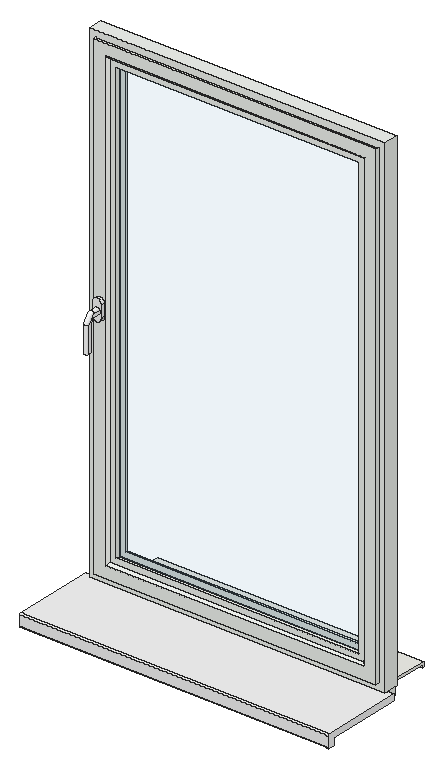
Revit family "Окно RI 44 одностворчатое поворотное", category Окна, Revit 2016
Family settings
  Основа = Стена
  Номер OmniClass = 23.30.20.00
  Заголовок OmniClass = Windows
  Всегда вертикально = Да
  При загрузке вырезать с полостями = Нет
  Общий = Нет
  Точка расчета площади = Нет
Parameters (values of type "Окно RI 44 одностворчатое поворотное")
  Ширина створки [instance] = ADSK_Ширина рамы - (Рама.Высота профиля * 2) + 34 mm  # 848 mm
  Створка.Ширина профиля = 44 mm
  Створка_Тип [instance] = Створка RE4484 : Поворотная право
  Рама.Ширина профиля = 44 mm
  Четверть.Ширина [instance] = 65 mm
  Четверть.Правая [instance] = if(and(Четверть правая.Видимость, Четверть), Четверть.Ширина, 0 mm)  # 65 mm
  Четверть.Левая [instance] = if(and(Четверть левая.Видимость, Четверть), Четверть.Ширина, 0 mm)  # 65 mm
  Четверть.Глубина [instance] = 120 mm
  Четверть.Высота [instance] = 65 mm
  Четверть правая.Видимость [instance] = yes
  Четверть левая.Видимость [instance] = yes
  Четверть.Верхняя [instance] = if(Четверть, Четверть.Высота, 0 mm)  # 65 mm
  Четверть [instance] = yes
  Цвет профиля = "RAL 9016"
  Формула стеклопакета = ""
  Толщина стеклопакета = "26"
  Стеклопакет.Толщина = 26 mm
  Створка.Ширина [instance] = Ширина створки  # 848 mm
  Система фурнитуры [instance] = ""
  Расчетное значение ветровой нагрузки [instance] = 0
  Рама.Окно.Ширина [instance] = 900 mm
  Рама.Окно.Высота [instance] = 1500 mm
  Разработано = "support@bimlib.ru"  # constant formula
  Профильная система рамы = ""
  Проем.Окно.Ширина [instance] = 940 mm
  Проем.Окно.Высота [instance] = 1555 mm
  Подоконник_тип [instance] = Подоконник : ПВХ 250
  Watermarked By = ""
  Rough Width = 0 mm  # constant formula
  Rough Height = 0 mm  # constant formula
  Подоконник.Глубина [instance] = 0 mm
  Подоконник. Видимость [instance] = yes
  Площаль элемента [instance] = ADSK_Ширина рамы * ADSK_Высота рамы / 1000000 mm  # 1.35 mm
  Отлив.Свес [instance] = 35 mm
  Отлив.Видимость [instance] = yes
  Откосы.Глубина [instance] = 331 mm
  Огнестойкость = ""
  Наименование = "Окно RI 44 одностворчатое поворотное"
  Монтажный зазор.Спереди [instance] = 5 mm
  Монтажный зазор.Правый [instance] = if(Четверть правая.Видимость, Монтажный зазор.Боковой, 0 mm)  # 20 mm
  Монтажный зазор.Низ [instance] = 10 mm
  Монтажный зазор.Левый [instance] = if(Четверть левая.Видимость, Монтажный зазор.Боковой, 0 mm)  # 20 mm
  Монтажный зазор.Верх [instance] = 20 mm
  Монтажный зазор.Боковой = 20 mm
  Материал-Стеклопакет = REALIT_Стекло
  Материал-Рама = REALIT_Профиль_RAL 9016
  Материал-Подоконник = REALIT_ПВХ_Белый
  Материал-Отлив = REALIT_Отлив_Белый
  Изготовитель = "REALIT"  # constant formula
  ГОСТ = ""
  Створка.Высота профиля = 60 mm
  Рама.Высота профиля = 43 mm
  Высота створки [instance] = ADSK_Высота рамы - (Рама.Высота профиля * 2) + 34 mm  # 1448 mm
  Высота проема [instance] = ADSK_Высота рамы + 25 mm + Монтажный зазор.Верх + Монтажный зазор.Низ  # 1555 mm
  Height = 0 mm  # constant formula
  Высота подоконника по умолчанию = 800 mm
  Замыкание стены = По основе
  Width = 0 mm  # constant formula
  Артикул створки/армирование створки = ""
  Артикул рамы/армирование рамы = ""
  Артикул импоста/армирование импоста = ""
  Аналитическая конструкция = "<Нет>"
  λ краевой зоны стеклопакета = 0.0000 (m²·K)/W
  URL = "http://www.realit.ru/"
  Rстеклопакета = 1.0000 (m²·K)/W
  Rпрофиля = 1.0000 (m²·K)/W
  Rпривед [instance] = 1 / (((Рама.Ширина профиля / 1000 mm) * (5.4 - 4 * (Рама.Ширина профиля / 1000 mm)) / (1.8 * Rпрофиля / Rед)) + ((1.2 - 2 * (Рама.Ширина профиля / 1000 mm)) * (1.5 - 2 * (Рама.Ширина профиля / 1000 mm)) / (1.8 * Rстеклопакета / Rед)) + (5.4 - 8 * (Рама.Ширина профиля / 1000 mm)) * (λ краевой зоны стеклопакета / Rед))  # 1
  Rед = 1.0000 (m²·K)/W
  Iфактич [instance] = ""
  Iтреб [instance] = 0 mm
  ADSK_Этаж = ""
  ADSK_Ширина рамы [instance] = 900 mm
  ADSK_Примечание [instance] = ""
  ADSK_Позиция [instance] = ""
  ADSK_Обозначение = ""
  ADSK_Наименование краткое = "Окно RI 44 одностворчатое"  # constant formula
  ADSK_Масса_Текст = ""
  ADSK_Марка = ""
  ADSK_Код изделия = ""
  ADSK_Зона = ""
  ADSK_Завод-изготовитель [instance] = Изготовитель  # "REALIT"
  ADSK_Единица измерения = "шт."  # constant formula
  ADSK_Высота рамы [instance] = 1500 mm
  ADSK_Версия Revit = "Revit 2016"  # constant formula
Reference planes
  plane 1 "По центру (Вперед/Назад)": y = 0
  plane 2 "По центру (Влево/Вправо)": x = 0
  plane 3 "Подоконник": z = 800
  plane 4 "Наружный": y = 250
  plane 5 "Внутренние": y = -250
  plane 6: x = -470
  plane 7: x = 470
  plane 8: x = -405
  plane 9: x = 405
  plane 10: y = 130
  plane 11: z = 2300
  plane 12: x = -450
  plane 13: x = 450
  plane 14: z = 775
  plane 15: z = 2320
  plane 16: z = 765
  plane 17: z = 2255
  plane 18: y = 125
  plane 19: y = 81
  plane 20: x = -407
  plane 21: x = 407
  plane 22: z = 2257
  plane 23: z = 843
  plane 24: y = 120
  plane 25: y = 91
  plane 26: y = 450
Forms (mm)
  Extrusion 1, void
    sketch origin (0, -250, 0) x (1, 0, 0) y (0, 0, 1)
      loop
        line (-470, 2320) -> (-470, 765) -> (470, 765) -> (470, 2320) -> (-470, 2320)
    from 0 to -380
  Extrusion 2, void
    sketch origin (-2200.521, 130, 1000) x (1, 0, 0) y (0, 0, 1)
      loop
        line (1795.521, 1255) -> (1795.521, -235) -> (2605.521, -235) -> (2605.521, 1255) -> (1795.521, 1255)
    from 0 to -320
  Extrusion 3, solid, material "REALIT_Профиль_RAL 9016" <- "Материал-Рама", detail levels fine
    sketch origin (0, 0, 800) x (0, -1, 0) y (-1, 0, 0)
      loop
        line (-125, 450) -> (-125, 407) -> (-120, 407) -> (-120, 415) -> (-123, 415) -> (-123, 424) -> (-81, 424) -> (-81, 450) -> (-125, 450)
      loop
        line (-125, -407) -> (-125, -450) -> (-81, -450) -> (-81, -424) -> (-123, -424) -> (-123, -415) -> (-120, -415) -> (-120, -407) -> (-125, -407)
    from 0 to -1500
  Extrusion 4, solid, material "REALIT_Профиль_RAL 9016" <- "Материал-Рама", detail levels fine
    sketch origin (-750, 0, 0) x (0, -1, 0) y (0, 0, 1)
      loop
        line (-81, 800) -> (-81, 826) -> (-123, 826) -> (-123, 835) -> (-120, 835) -> (-120, 843) -> (-125, 843) -> (-125, 800) -> (-81, 800)
      loop
        line (-81, 2274) -> (-81, 2300) -> (-125, 2300) -> (-125, 2257) -> (-120, 2257) -> (-120, 2265) -> (-123, 2265) -> (-123, 2274) -> (-81, 2274)
    from -300 to -1200
  Extrusion 5, solid, material "REALIT_Профиль_RAL 9016" <- "Материал-Рама"
    sketch origin (-233.865, 120, 2257) x (0, 0, 1) y (-1, 0, 0)
      loop
        line (-1457, 216.135) -> (-1482, 216.135) -> (-1482, -683.865) -> (-1457, -683.865) -> (-1457, 216.135)
    from 0 to 29
  Extrusion 6, solid, material "REALIT_Отлив_Белый" <- "Материал-Отлив", visible <- "Отлив.Видимость", detail levels fine
    sketch origin (405, 531.754, 1000) x (0, 1, 0) y (0, 0, 1)
      loop
        line (-411.754, -225) -> (-251.754, -225) -> (-251.754, -235) -> (-246.754, -235) -> (-246.754, -220) -> (-411.754, -215) -> (-411.754, -225)
    from 0 to -810
  Extrusion 7, solid, material "REALIT_Профиль_RAL 9016" <- "Материал-Рама", detail levels medium
    sketch origin (0, 0, 800) x (0, -1, 0) y (-1, 0, 0)
      loop
        line (-125, 450) -> (-125, 424) -> (-81, 424) -> (-81, 450) -> (-125, 450)
      loop
        line (-125, -450) -> (-81, -450) -> (-81, -424) -> (-125, -424) -> (-125, -450)
    from 0 to -1500
  Extrusion 8, solid, material "REALIT_Профиль_RAL 9016" <- "Материал-Рама", detail levels coarse
    sketch origin (0, 0, 0) x (1, 0, 0) y (0, 1, 0)
      loop
        line (-450, 125) -> (-450, 73) -> (-370, 73) -> (-370, 125) -> (-450, 125)
      loop
        line (450, 125) -> (370, 125) -> (370, 73) -> (450, 73) -> (450, 125)
    from 800 to 2300
  Extrusion 9, solid, material "REALIT_Профиль_RAL 9016" <- "Материал-Рама", detail levels coarse
    sketch origin (-250, -245, 3390.632) x (0, 0, 1) y (0, -1, 0)
      loop
        line (-1090.632, -370) -> (-1090.632, -318) -> (-1170.632, -318) -> (-1170.632, -370) -> (-1090.632, -370)
      loop
        line (-2590.632, -318) -> (-2590.632, -370) -> (-2510.632, -370) -> (-2510.632, -318) -> (-2590.632, -318)
    from -200 to 700
  Extrusion 10, solid, material "REALIT_Профиль_RAL 9016" <- "Материал-Рама", detail levels medium
    sketch origin (-250, -245, 3390.632) x (0, 0, 1) y (0, -1, 0)
      loop
        line (-2564.632, -370) -> (-2564.632, -326) -> (-2590.632, -326) -> (-2590.632, -370) -> (-2564.632, -370)
      loop
        line (-1090.632, -326) -> (-1116.632, -326) -> (-1116.632, -370) -> (-1090.632, -370) -> (-1090.632, -326)
    from -200 to 700
Cuts and joins
  joined: Extrusion 3, Extrusion 4
  joined: Extrusion 8, Extrusion 9
  joined: Extrusion 7, Extrusion 10
Lines and regions (mm)
  symbolic lines, style "Windows"
    curve 1: line (-450, 130, 0) -> (450, 130, 0)
Text (mm)
  text "Наружный" at (0, 923.751, 2943.296), in view "Справа"
  text "Наружный" at (0, 1040.484, 2685.409), in view "Слева"
Dimensions and locks
  "Высота подоконника по умолчанию": plane 3 "Подоконник" to level
  locked: plane 4 "Наружный" to host wall at 0
  locked: plane 5 "Внутренние" to host wall
  "Четверть.Глубина": plane 10 to plane 4 "Наружный"
  "ADSK_Высота рамы": plane 11 to plane 3 "Подоконник"
  "Монтажный зазор.Верх": plane 15 to plane 11
  locked: plane 3 "Подоконник" to plane 14 at 25
  "Монтажный зазор.Низ": plane 14 to plane 16
  "Четверть.Верхняя": plane 15 to plane 17
  equal spacing: plane 13, plane 2 "По центру (Влево/Вправо)", plane 12
  "ADSK_Ширина рамы": plane 13 to plane 12
  "Четверть.Левая": plane 8 to plane 6
  "Четверть.Правая": plane 7 to plane 9
  "Монтажный зазор.Левый": plane 12 to plane 6
  "Монтажный зазор.Правый": plane 13 to plane 7
  "Монтажный зазор.Спереди": plane 10 to plane 18
  "Рама.Ширина профиля": plane 18 to plane 19
  "Рама.Высота профиля": plane 12 to plane 20
  "Рама.Высота профиля": plane 21 to plane 13
  "Рама.Высота профиля": plane 11 to plane 22
  "Рама.Высота профиля": plane 3 "Подоконник" to plane 23
  locked: plane 18 to plane 24 at 5
  locked: plane 25 to plane 19 at 10
  locked: Extrusion 6 sketch curve to Extrusion 6 sketch curve at 5  (x2)
  locked: Extrusion 6 sketch curve to Extrusion 6 sketch curve at 10
  "Отлив.Свес": Extrusion 6 to plane 4 "Наружный"
  locked: plane 4 "Наружный" to plane 26 at 200
  "Откосы.Глубина": plane 19 to plane 5 "Внутренние"
  Extrusion 3 sketch curve to plane 20 = 8 mm
  "Проем.Окно.Ширина": plane 7 to plane 6
  "Проем.Окно.Высота": plane 15 to plane 16
  "Рама.Окно.Ширина": plane 13 to plane 12
  "Рама.Окно.Высота": plane 11 to plane 3 "Подоконник"
  locked: cut or joined group of Extrusion 3, Extrusion 4 to cut or joined group of Extrusion 3, Extrusion 4 at 8
  equal spacing: plane 12, plane 2 "По центру (Влево/Вправо)", plane 13
  equal spacing: cut or joined group of Extrusion 3, Extrusion 4, cut or joined group of Extrusion 3, Extrusion 4, Extrusion 4 sketch curve, cut or joined group of Extrusion 8, Extrusion 9  (x2)
  aligned and locked: Extrusion 1 sketch curve to plane 15
  aligned and locked: Extrusion 1 sketch curve to plane 6
  aligned and locked: Extrusion 1 sketch curve to plane 7
  aligned and locked: Extrusion 1 sketch curve to plane 16
  aligned and locked: plane 10 to Extrusion 1
  aligned and locked: Extrusion 2 sketch curve to plane 17
  aligned and locked: Extrusion 2 sketch curve to plane 8
  aligned and locked: Extrusion 2 sketch curve to plane 9
  aligned and locked: Extrusion 2 sketch curve to plane 16
  aligned and locked: Extrusion 3 sketch curve to plane 18
  aligned and locked: Extrusion 3 sketch curve to plane 19
  aligned and locked: Extrusion 3 sketch curve to plane 12
  aligned and locked: plane 18 to Extrusion 3 sketch curve
  aligned and locked: plane 19 to Extrusion 3 sketch curve
  aligned and locked: Extrusion 3 sketch curve to plane 13
  aligned and locked: plane 11 to Extrusion 3
  aligned and locked: Extrusion 4 sketch curve to plane 19  (x2)
  aligned and locked: Extrusion 4 sketch curve to plane 18  (x2)
  aligned and locked: Extrusion 4 sketch curve to plane 11
  aligned and locked: Extrusion 4 to plane 13
  aligned and locked: Extrusion 4 to plane 12
  aligned and locked: Extrusion 5 sketch curve to plane 12
  aligned and locked: Extrusion 5 sketch curve to plane 3 "Подоконник"
  aligned and locked: Extrusion 5 sketch curve to plane 14
  aligned and locked: plane 13 to Extrusion 5 sketch curve
  aligned and locked: plane 25 to Extrusion 5
  aligned and locked: nested 1 to plane 3 "Подоконник"
  aligned and locked: plane 25 to nested 1
  aligned and locked: plane 14 to Extrusion 6 sketch curve
  aligned and locked: Extrusion 6 to plane 8
  aligned and locked: plane 24 to Extrusion 6 sketch curve
  aligned and locked: plane 26 to Extrusion 2
  aligned and locked: curve 1 to plane 10
  aligned and locked: Extrusion 4 sketch curve to plane 24
  aligned and locked: plane 24 to Extrusion 4 sketch curve
  aligned and locked: Extrusion 3 sketch curve to plane 24
  aligned and locked: plane 24 to Extrusion 3 sketch curve
  aligned and locked: Extrusion 8 sketch curve to plane 12
  aligned and locked: Extrusion 8 sketch curve to plane 18  (x2)
  aligned and locked: plane 13 to Extrusion 8 sketch curve
  aligned and locked: plane 3 "Подоконник" to Extrusion 8
  aligned and locked: plane 11 to Extrusion 8
  aligned and locked: plane 12 to Extrusion 7 sketch curve
  aligned and locked: plane 18 to Extrusion 7 sketch curve  (x2)
  aligned and locked: Extrusion 7 sketch curve to plane 13
  aligned and locked: plane 19 to Extrusion 7 sketch curve  (x2)
  aligned and locked: Extrusion 4 sketch curve to plane 23
  aligned and locked: Extrusion 4 sketch curve to plane 22
  aligned and locked: Extrusion 8 to Extrusion 5
  aligned and locked: plane 11 to Extrusion 9 sketch curve
  aligned and locked: plane 18 to Extrusion 9 sketch curve  (x2)
  aligned and locked: Extrusion 9 sketch curve to Extrusion 8
  aligned and locked: plane 3 "Подоконник" to Extrusion 9 sketch curve
  aligned and locked: Extrusion 9 to plane 13
  aligned and locked: Extrusion 9 to plane 12
  aligned and locked: Extrusion 8 sketch curve to nested 2
  aligned and locked: plane 6 to nested 1
  aligned and locked: plane 7 to nested 1
  aligned and locked: nested 2 to plane 18
  aligned and locked: nested 2 to plane 2 "По центру (Влево/Вправо)"
  aligned and locked: plane 11 to Extrusion 7
  aligned and locked: Extrusion 10 sketch curve to nested 2  (x4)
  aligned and locked: Extrusion 10 sketch curve to Extrusion 7  (x3)
  aligned and locked: Extrusion 7 to Extrusion 10 sketch curve
  aligned and locked: Extrusion 10 to plane 13
  aligned and locked: Extrusion 10 to plane 12
Automatic sketch dimensions
  host wall to Extrusion 6 sketch curve = 30 mm
  Extrusion 6 sketch curve to Extrusion 6 sketch curve = 10 mm
  curve 1 to plane 12 = 0 mm
  curve 1 to plane 13 = 0 mm
  Extrusion 4 sketch curve to plane 18 = 2 mm  (x2)
  Extrusion 3 sketch curve to plane 18 = 2 mm  (x2)
  Extrusion 8 sketch curve to plane 19 = 8 mm  (x2)
  plane 3 "Подоконник" to Extrusion 4 sketch curve = 0 mm
  Extrusion 4 sketch curve to Extrusion 4 sketch curve = 9 mm  (x2)
  plane 24 to Extrusion 3 sketch curve = 0 mm  (x2)
  Extrusion 3 sketch curve to plane 18 = 0 mm  (x2)
  plane 23 to Extrusion 9 sketch curve = 37 mm
  Extrusion 9 sketch curve to plane 17 = 35 mm
  Extrusion 3 sketch curve to Extrusion 3 sketch curve = 9 mm  (x2)
  Extrusion 3 sketch curve to plane 20 = 0 mm
  Extrusion 3 sketch curve to plane 21 = 0 mm
  Extrusion 3 sketch curve to Extrusion 3 sketch curve = 8 mm
  Extrusion 4 sketch curve to plane 22 = 8 mm
  Extrusion 4 sketch curve to plane 23 = 17 mm
  Extrusion 8 sketch curve to plane 9 = 35 mm
  Extrusion 9 sketch curve to plane 19 = 8 mm
  Extrusion 7 sketch curve to plane 20 = 17 mm
  Extrusion 7 sketch curve to plane 21 = 17 mm
Nested families
  nested 1: "Подоконник" at (0, 91, 800), Материал-Подоконник <- "Материал-Подоконник", visible <- "Подоконник. Видимость", type <- "Подоконник_тип", type "ПВХ 250", detail levels fine
    with Материал-Подоконник REALIT_ПВХ_Белый, Длина подоконника 940 mm
  nested 2: "Створка RE4484" at (0, 125, 826), Профиль.Ширина <- "Створка.Ширина профиля", Стеклопакет.Толщина <- "Стеклопакет.Толщина", Профиль.Высота <- "Створка.Высота профиля", Створка.Высота <- "Высота створки", Створка.Ширина <- "Ширина створки", Материал.Стеклопакет <- "Материал-Стеклопакет", Материал.Профиль <- "Материал-Рама", Материал.Ручка <- "Материал-Подоконник", type <- "Створка_Тип", type "Поворотная право"
    with Стеклопакет.Толщина 26 mm, Створка.Ширина 848 mm, Створка.Высота 1448 mm, Ручка.Расстояние от низа створки 724 mm, Профиль.Ширина 44 mm, Профиль.Высота 60 mm, Материал.Стеклопакет REALIT_Стекло, Материал.Ручка REALIT_ПВХ_Белый, Материал.Профиль REALIT_Профиль_RAL 9016
Definition of nested family "Подоконник"
  Parameters (values of type "ПВХ 250")
    Материал-Подоконник [instance] = none
    Длина подоконника [instance] = 1500 mm
    Глубина подоконника = 250 mm
    Type Comments = "﻿﻿             ﻿     ﻿                                                          ﻿   ​ ﻿               ﻿   ​                ​ ​       ​   ​ ​ ​​  ​ ​  ​     ​   ﻿﻿"
    Keynote = "﻿﻿             ﻿     ﻿                                                          ﻿   ​ ﻿               ﻿   ​                ​ ​       ​   ​ ​ ​​  ​ ​  ​     ​   ﻿﻿"
    Description = "﻿﻿             ﻿     ﻿                                                          ﻿   ​ ﻿               ﻿   ​                ​ ​       ​   ​ ​ ​​  ​ ​  ​     ​   ﻿﻿"
    Assembly Code = "﻿﻿             ﻿     ﻿                                                          ﻿   ​ ﻿               ﻿   ​                ​ ​       ​   ​ ​ ​​  ​ ​  ​     ​   ﻿﻿"
  Types (13, lengths in mm): name | Глубина подоконника
    ПВХ 100 | 100
    ПВХ 150 | 150
    ПВХ 200 | 200
    ПВХ 250 | 250
    ПВХ 300 | 300
    ПВХ 350 | 350
    ПВХ 400 | 400
    ПВХ 450 | 450
    ПВХ 500 | 500
    ПВХ 550 | 550
    ПВХ 600 | 600
    ПВХ 650 | 650
    ПВХ 700 | 700
  Reference planes
    plane 1 "По центру (Вперед/Назад)": y = 0
    plane 2: z = 0
    plane 3 "По центру (Влево/Вправо)": x = 0
    plane 4: y = -250
    plane 5: x = 750
    plane 6: x = -750
  Forms (mm)
    Extrusion 1, solid, material <- "Материал-Подоконник"
      sketch origin (0, 0, 0) x (0, 1, 0) y (0, 0, 1)
        loop
          line (0, 0) -> (-246, 0)
          arc (-246, 0) -> (-248.828, -1.172) -> (-250, -4) r 4
          line (-250, -4) -> (-250, -36)
          arc (-250, -36) -> (-248.828, -38.828) -> (-246, -40) r 4
          line (-246, -40) -> (-230, -40) -> (-230, -20) -> (0, -20) -> (0, 0)
      from -750 to 750
  Dimensions and locks
    "Глубина подоконника": plane 1 "По центру (Вперед/Назад)" to plane 4
    equal spacing: plane 6, plane 3 "По центру (Влево/Вправо)", plane 5
    "Длина подоконника": plane 6 to plane 5
    aligned and locked: level to plane 2
    aligned and locked: plane 2 to Extrusion 1 sketch curve
    aligned and locked: plane 4 to Extrusion 1 sketch curve  (x2)
    aligned and locked: Extrusion 1 to plane 5
    aligned and locked: Extrusion 1 to plane 6
  Automatic sketch dimensions
    Extrusion 1 sketch curve to plane 1 "По центру (Вперед/Назад)" = 0 mm
    Extrusion 1 sketch curve to level = 20 mm
    Extrusion 1 sketch curve to level = 4 mm
    Extrusion 1 sketch curve to Extrusion 1 sketch curve = 16 mm  (x2)
    Extrusion 1 sketch curve to Extrusion 1 sketch curve = 4 mm
Definition of nested family "Створка RE4484"
  Parameters (values of type "Поворотная право")
    Width = 0 mm  # constant formula
    Manufacturer = "REALIT"  # constant formula
    Watermarked By = ""
    Type Comments = "﻿﻿             ﻿     ﻿                                                          ﻿   ​ ﻿               ﻿   ​                ​ ​       ​   ​ ​ ​​  ​ ​  ​     ​   ﻿﻿"
    Rough Width = 0 mm  # constant formula
    Rough Height = 0 mm  # constant formula
    Keynote = "﻿﻿             ﻿     ﻿                                                          ﻿   ​ ﻿               ﻿   ​                ​ ​       ​   ​ ​ ​​  ​ ​  ​     ​   ﻿﻿"
    Height = 0 mm  # constant formula
    e1 = 11.5 mm
    Стеклопакет.Толщина [instance] = 26 mm
    Створка.Ширина [instance] = 900 mm
    Створка.Открытие = not(Створка.Глухая)  # yes
    Створка.Высота [instance] = 1500 mm
    Ручка.Расстояние от низа створки [instance] = Створка.Высота / 2  # 750 mm
    Ручка справа = no
    Ручка снизу = no
    Ручка слева = yes
    Ручка сверху = no
    Профиль.Ширина [instance] = 44 mm
    Профиль.Высота [instance] = 60 mm
    Открывание правое = yes
    Открывание низ = no
    Открывание левое = no
    Открывание верх = no
    Створка.Глухая = no
    Материал.Стеклопакет [instance] = none
    Материал.Ручка [instance] = none
    Материал.Профиль [instance] = none
    Description = "Створка RE64.044045"  # constant formula
    Assembly Code = "﻿﻿             ﻿     ﻿                                                          ﻿   ​ ﻿               ﻿   ​                ​ ​       ​   ​ ​ ​​  ​ ​  ​     ​   ﻿﻿"
    Analytic Construction = "<Нет>"
    b2 = 7 mm
    b1 = 9 mm
    a3 = 17 mm
    a2 = 11.5 mm
    a1 = 6 mm
    URL = "http://www.realit.ru/"
  Types (5, lengths in mm): name | Ручка справа | Ручка слева | Открывание правое | Открывание левое | Открывание верх
    Глухая | no | yes | yes | no | yes
    Поворотная право | no | yes | yes | no | no
    Поворотная лево | yes | no | no | yes | no
    Поворотно-откидная право | no | yes | yes | no | yes
    Поворотно-откидная лево | yes | no | no | yes | yes
  Reference planes
    plane 1 "По центру (Вперед/Назад)": y = 0
    plane 2: z = 0
    plane 3 "По центру (Влево/Вправо)": x = 0
    plane 4: y = -44
    plane 5: z = 1500
    plane 6: y = -7
    plane 7: x = -450
    plane 8: x = 450
    plane 9: z = 750
    plane 10: z = 750
    plane 11: z = -6
    plane 12: z = 54
    plane 13: z = 11.5
    plane 14: z = 37
    plane 15: y = -35
    plane 16: y = -33
    plane 17: z = 1446
    plane 18: x = 390
    plane 19: x = -390
    plane 20: y = -5
    plane 21: y = -52
  Forms (mm)
    Sweep 1, solid, material <- "Материал.Профиль", visible <- "Створка.Открытие", detail levels fine
      path origin (0, 0, 0) x (1, 0, 0) y (0, 0, 1)
        loop
          line (-450, 0) -> (450, 0) -> (450, 1500) -> (-450, 1500) -> (-450, 0)
      profile origin (0, 0, 0) x (0, 0, 1) y (0, -1, 0)
        loop
          line (54, 0) -> (54, 7) -> (37, 7) -> (37, 33) -> (54, 33) -> (54, 44) -> (37, 44) -> (29, 52) -> (-6, 52) -> (-6, 44) -> (2, 44) -> (2, 49) -> (11.5, 49) -> (11.5, 5) -> (21.5, 5) -> (21.5, 0) -> (54, 0)
    Extrusion 2, solid, material <- "Материал.Стеклопакет", visible <- "Створка.Открытие"
      sketch origin (0, 0, 0) x (1, 0, 0) y (0, 1, 0)
        loop
          line (413, -7) -> (-413, -7) -> (-413, -33) -> (413, -33) -> (413, -7)
      from 37 to 1463
    Sweep 3, solid, material <- "Материал.Профиль", visible <- "Створка.Открытие", detail levels medium
      path origin (0, 0, 0) x (1, 0, 0) y (0, 0, 1)
        loop
          line (-450, 1500) -> (-450, 0) -> (450, 0) -> (450, 1500) -> (-450, 1500)
      profile origin (0, 0, 1500) x (0, 0, 1) y (0, -1, 0)
        loop
          line (0, 0) -> (0, 44) -> (-60, 44) -> (-60, 0) -> (0, 0)
    Sweep 4, solid, material <- "Материал.Профиль", visible <- "Створка.Глухая", detail levels fine
      path origin (0, 0, 0) x (1, 0, 0) y (0, 0, 1)
        loop
          line (-450, 1500) -> (-450, 0) -> (450, 0) -> (450, 1500) -> (-450, 1500)
      profile origin (0, 0, 1500) x (0, 0, 1) y (0, -1, 0)
        loop
          line (0, 31) -> (0, 35) -> (-17, 35) -> (-17, 31) -> (0, 31)
    Extrusion 5, solid, material <- "Материал.Стеклопакет", visible <- "Створка.Глухая"
      sketch origin (0, 0, 0) x (1, 0, 0) y (0, 1, 0)
        loop
          line (450, -31) -> (450, -5) -> (-450, -5) -> (-450, -31) -> (450, -31)
      from 0 to 1500
    Sweep 6, solid, material <- "Материал.Профиль", visible <- "Створка.Глухая", detail levels medium
      path origin (0, 0, 0) x (1, 0, 0) y (0, 0, 1)
        loop
          line (-450, 1500) -> (-450, 0) -> (450, 0) -> (450, 1500) -> (-450, 1500)
      profile origin (0, 0, 1500) x (0, 0, 1) y (0, -1, 0)
        loop
          line (-17, 35) -> (-17, 0) -> (0, 0) -> (0, 35) -> (-17, 35)
  Lines and regions (mm)
    symbolic lines, visible <- "Открывание правое"
      curve 1: line (385, 0, 1435) -> (-385, 0, 750)
      curve 2: line (-385, 0, 750) -> (375, 0, 69)
    symbolic lines, visible <- "Открывание левое"
      curve 3: line (-375, 0, 1425) -> (385, 0, 750)
      curve 4: line (385, 0, 750) -> (-375, 0, 69)
    symbolic lines, visible <- "Открывание верх"
      curve 5: line (-375, 0, 69) -> (0, 0, 1446)
      curve 6: line (0, 0, 1446) -> (375, 0, 69)
    symbolic lines, visible <- "Открывание низ"
      curve 7: line (-375, 0, 1425) -> (0, 0, 68.802)
      curve 8: line (0, 0, 68.802) -> (385, 0, 1435)
    symbolic lines, visible <- "Створка.Глухая"
      curve 9: line (0, 0, 700) -> (0, 0, 800)
      curve 10: line (-50, 0, 750) -> (50, 0, 750)
  Dimensions and locks
    "Створка.Высота": plane 5 to plane 2
    equal spacing: plane 8, plane 3 "По центру (Влево/Вправо)", plane 7
    "Створка.Ширина": plane 8 to plane 7
    "Ручка.Расстояние от низа створки": plane 9 to plane 2
    curve 9 to plane 10 to curve 9 = 50 mm locked, 50 mm locked
    curve 10 to plane 3 "По центру (Влево/Вправо)" to curve 10 = 50 mm locked, 50 mm locked
    "Профиль.Высота": plane 12 to plane 11
    "b2": plane 1 "По центру (Вперед/Назад)" to plane 6
    "b1": plane 15 to plane 4
    "Профиль.Ширина": plane 1 "По центру (Вперед/Назад)" to plane 4
    "Профиль.Высота": plane 5 to Sweep 3 sketch curve
    "Стеклопакет.Толщина": plane 6 to plane 16
    "a3": Sweep 4 sketch curve to plane 5
    "a1": plane 2 to plane 11
    "a3": plane 12 to plane 14
    "a2": plane 13 to plane 2
    "a3": plane 5 to Sweep 6 sketch curve
    "e1": nested 1 to plane 7
    "e1": nested 4 to plane 2
    "Профиль.Высота": plane 19 to plane 7
    "Профиль.Высота": plane 8 to plane 18
    plane 5 to plane 17 = 54 mm
    Sweep 1 sketch curve to plane 13 = 10 mm
    locked: plane 1 "По центру (Вперед/Назад)" to plane 20 at 5
    Sweep 3 to Sweep 1 sketch curve = 5 mm
    locked: Sweep 1 sketch curve to plane 11 at 8
    Sweep 1 sketch curve to Sweep 1 sketch curve = 0 mm
    "e1": plane 5 to nested 3
    "e1": plane 8 to nested 2
    plane 4 to plane 21 = 8 mm
    aligned and locked: level to plane 2
    aligned and locked: curve 10 to plane 10
    aligned and locked: Sweep 1 sketch curve to plane 2
    aligned and locked: Sweep 1 sketch curve to plane 5
    aligned and locked: Sweep 1 sketch curve to plane 7
    aligned and locked: Sweep 1 sketch curve to plane 8
    aligned and locked: plane 1 "По центру (Вперед/Назад)" to Sweep 1 sketch curve
    aligned and locked: plane 4 to Sweep 1 sketch curve
    aligned and locked: plane 12 to Sweep 1 sketch curve  (x2)
    aligned and locked: plane 13 to Sweep 1 sketch curve
    aligned and locked: plane 14 to Sweep 1 sketch curve
    aligned and locked: Extrusion 2 sketch curve to Sweep 1
    aligned and locked: Sweep 1 to Extrusion 2 sketch curve
    aligned and locked: Extrusion 2 to Sweep 1
    aligned and locked: Sweep 3 sketch curve to plane 5
    aligned and locked: Sweep 3 sketch curve to plane 2
    aligned and locked: Sweep 3 sketch curve to plane 8
    aligned and locked: Sweep 3 sketch curve to plane 7
    aligned and locked: plane 5 to Sweep 3 sketch curve
    aligned and locked: plane 1 "По центру (Вперед/Назад)" to Sweep 3 sketch curve
    aligned and locked: plane 4 to Sweep 3 sketch curve
    aligned and locked: Sweep 4 sketch curve to plane 5
    aligned and locked: Sweep 4 sketch curve to plane 2
    aligned and locked: Sweep 4 sketch curve to plane 8
    aligned and locked: Sweep 4 sketch curve to plane 7
    aligned and locked: plane 5 to Sweep 4 sketch curve
    aligned and locked: Extrusion 2 to plane 14
    aligned and locked: plane 11 to Sweep 1 sketch curve
    aligned and locked: Extrusion 2 to plane 6
    aligned and locked: Sweep 1 sketch curve to plane 16
    aligned and locked: Extrusion 2 sketch curve to plane 16
    aligned and locked: Extrusion 5 sketch curve to plane 7
    aligned and locked: Extrusion 5 sketch curve to plane 8
    aligned and locked: Extrusion 5 to level
    aligned and locked: plane 5 to Extrusion 5
    aligned and locked: Sweep 6 sketch curve to plane 5
    aligned and locked: Sweep 6 sketch curve to plane 2
    aligned and locked: Sweep 6 sketch curve to plane 8
    aligned and locked: Sweep 6 sketch curve to plane 7
    aligned and locked: plane 1 "По центру (Вперед/Назад)" to Sweep 6 sketch curve
    aligned and locked: plane 5 to Sweep 6 sketch curve
    aligned and locked: nested 2 to plane 9
    aligned and locked: plane 3 "По центру (Влево/Вправо)" to nested 4
    aligned and locked: plane 3 "По центру (Влево/Вправо)" to nested 3
    aligned and locked: plane 17 to curve 5
    aligned and locked: plane 15 to Sweep 6 sketch curve
    aligned and locked: plane 15 to Sweep 4 sketch curve
    aligned and locked: nested 1 to plane 9
    aligned and locked: Sweep 1 sketch curve to plane 20
    aligned and locked: Extrusion 5 sketch curve to plane 20
  Automatic sketch dimensions
    curve 1 to plane 9 = 0 mm
    curve 6 to plane 3 "По центру (Влево/Вправо)" = 0 mm
    curve 9 to plane 3 "По центру (Влево/Вправо)" = 0 mm
    curve 8 to plane 3 "По центру (Влево/Вправо)" = 0 mm
    curve 4 to plane 9 = 0 mm
    curve 8 to plane 5 = 65 mm
    curve 3 to plane 5 = 75 mm
    level to curve 6 = 69 mm
    level to curve 4 = 69 mm
    level to curve 8 = 68.802 mm
    plane 7 to curve 7 = 75 mm
    plane 7 to curve 5 = 75 mm
    plane 7 to curve 2 = 65 mm
    curve 8 to plane 8 = 65 mm
    curve 4 to plane 8 = 65 mm
    curve 2 to plane 8 = 75 mm
    plane 6 to Extrusion 2 sketch curve = 0 mm
    plane 1 "По центру (Вперед/Назад)" to Sweep 1 sketch curve = 7 mm
    Sweep 1 sketch curve to Sweep 1 sketch curve = 8 mm
    Sweep 1 sketch curve to Sweep 1 sketch curve = 17.5 mm
    Sweep 1 sketch curve to Sweep 1 sketch curve = 0 mm
    Extrusion 5 sketch curve to plane 16 = 2 mm
    Sweep 4 sketch curve to Sweep 4 sketch curve = 4 mm
  Nested families
    nested 1: "Ручка" at (-438.5, -52, 750) x (1, 0, 0) z (0, -1, 0), Маериал.Ручка <- "Материал.Ручка", visible <- "Ручка слева", type "Ручка", detail levels fine
      with Маериал.Ручка none
    nested 2: "Ручка" at (438.5, -52, 750) x (1, 0, 0) z (0, -1, 0), Маериал.Ручка <- "Материал.Ручка", visible <- "Ручка справа", type "Ручка", detail levels fine
      with Маериал.Ручка none
    nested 3: "Ручка" at (0, -52, 1488.5) x (0, 0, 1) z (0, -1, 0), Маериал.Ручка <- "Материал.Ручка", visible <- "Ручка сверху", type "Ручка", detail levels fine
      with Маериал.Ручка none
    nested 4: "Ручка" at (0, -52, 11.5) x (0, 0, 1) z (0, -1, 0), Маериал.Ручка <- "Материал.Ручка", visible <- "Ручка снизу", type "Ручка", detail levels fine
      with Маериал.Ручка none
  Definition of nested family "Ручка"
    Parameters (values of type "Ручка")
      Type Comments = "﻿﻿﻿                          ​       ​   ​ ​         ﻿ ﻿ ﻿ ﻿     ﻿ ﻿                        ​ ﻿                                   ​       ​     ​ ​       ​    ﻿﻿﻿"
      Keynote = "﻿﻿﻿                          ​       ​   ​ ​         ﻿ ﻿ ﻿ ﻿     ﻿ ﻿                        ​ ﻿                                   ​       ​     ​ ​       ​    ﻿﻿﻿"
      Description = "﻿﻿﻿                          ​       ​   ​ ​         ﻿ ﻿ ﻿ ﻿     ﻿ ﻿                        ​ ﻿                                   ​       ​     ​ ​       ​    ﻿﻿﻿"
      Default Elevation = 0 mm
      Маериал.Ручка [instance] = none
      Assembly Code = "﻿﻿﻿                          ​       ​   ​ ​         ﻿ ﻿ ﻿ ﻿     ﻿ ﻿                        ​ ﻿                                   ​       ​     ​ ​       ​    ﻿﻿﻿"
      Analytic Construction = "<Нет>"
    Reference planes
      plane 1 "По центру (Вперед/Назад)": y = 0
      plane 2: z = 0
      plane 3 "По центру (Влево/Вправо)": x = 0
    Forms (mm)
      Extrusion 1, solid
        sketch origin (0, 0, 0) x (1, 0, 0) y (0, 1, 0)
          loop
            line (-1219.2, 1219.2) -> (-1219.2, -1219.2) -> (1219.2, -1219.2) -> (1219.2, 1219.2) -> (-1219.2, 1219.2)
        from 0 to -304.8
      Extrusion 2, solid, material <- "Маериал.Ручка"
        sketch origin (-1, 0, 0) x (0, -1, 0) y (1, 0, 0)
          loop
            arc (-18, 15) -> (-32, 1) -> (-18, -13) r 14
            line (-18, -13) -> (18, -13)
            arc (18, -13) -> (32, 1) -> (18, 15) r 14
            line (18, 15) -> (-18, 15)
        from 0 to 10
      Sweep 3, solid, material <- "Маериал.Ручка"
        path origin (0, 0, 0) x (0, -1, 0) y (0, 0, 1)
          loop
            line (0, 10) -> (0, 30)
            arc (0, 30) -> (7.903, 42.097) -> (20, 50) r 35.203
            line (20, 50) -> (100, 50)
        profile origin (0, 0, 20) x (0, 1, 0) y (-1, 0, 0)
          loop
            line (0, 7) -> (-7, 7) -> (-7, -7) -> (0, -7)
            arc (0, -7) -> (7, 0) -> (0, 7) r 7
    Dimensions and locks
      aligned and locked: plane 2 to Extrusion 1
      aligned and locked: level to Extrusion 1
